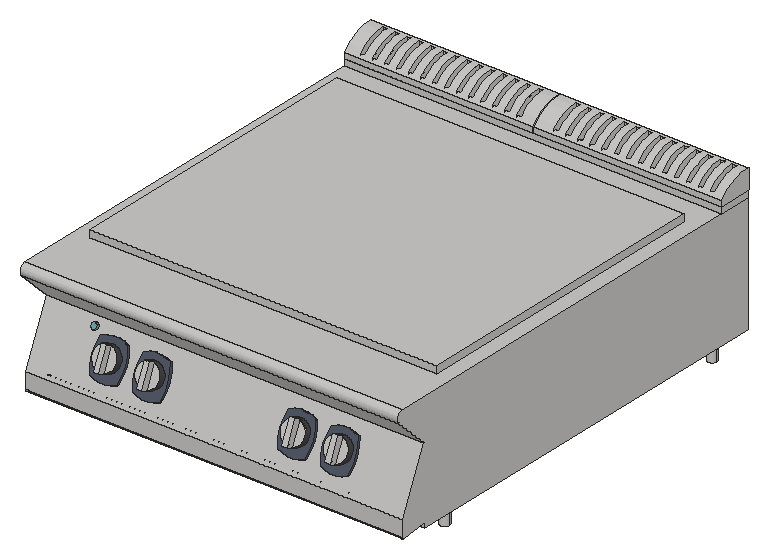
Revit family "QF_ELECTROLUXPROFESSIONAL_391047_E9HOEH4000", category Specialty Equipment, Revit 2021
Family settings
  Round Connector Dimension = Use Diameter
  Part Type = Normal
  Work Plane-Based = No
  Always vertical = Yes
  Cut with Voids When Loaded = No
  Shared = No
  Room Calculation Point = No
Parameters (values of type "Standard")
  Weight = 105.00 kg
  Watts = 929.03 W
  Volts = 380 V
  URL Manufacturer = "http://professional.electrolux.com"
  URL = "http://professional.electrolux.com"
  Steam Supply Size = 0"
  Steam Supply Minimum Pressure = 0.00 psi
  Steam Supply Maximum Pressure = 0.00 psi
  Steam Pounds per Hour = 0
  Show Clearance [instance] = yes
  Refrigeration Suction Line Size = 0"
  Refrigeration Liquid Line Size = 0"
  Refrigerant Compressor Remote = yes
  Phase = 3
  Model = "E9HOEH4000"
  Manufacturer = "Electrolux Professional"
  Length Actual = 800 mm  # constant formula
  Item Number = "391047"
  Hot Water Size = 0"
  Height Actual = 250 mm  # constant formula
  HP = "13.4 HP"
  Gas Size = 0"
  Gas KW = 0
  Gas Input Pressure = 0.0 Btu/h
  Description = "ELECTRIC HOB COOKING TOP 800MM"
  Depth Actual = 930 mm  # constant formula
  Default Elevation = 0 mm
  Cycle = 50 Hz
  Condensate Return Size = 0"
  Compressed Air Volume = 0 GPM
  Compressed Air Size = 0"
  Compressed Air Pressure = 0.00 psi
  Cold Water Size = 0"
  Accessory = yes
Reference planes
  plane 1 "BACK": y = 0
  plane 2: z = -625
  plane 3 "LEFT": x = 0
  plane 4 "RIGHT": x = 800
  plane 5 "FRONT": y = -930
  plane 6 "TOP": z = 275
  plane 7 "Center Y": x = 400
  plane 8 "Center X": y = -465
  plane 9: y = -1045
  plane 10: z = 24
  plane 11: z = 290
  plane 12: x = 758
  plane 13: z = 410
  plane 14: x = 11
  plane 15: x = 788.888
  plane 16: z = 332
Forms (mm)
  Extrusion 1, solid, material "QF_Finishes_Stainless Steel"
    sketch origin (0, 0, 0) x (0, 1, 0) y (0, 0, 1)
      loop
        line (0, 275) -> (-916.003, 275)
        arc (-916.003, 275) -> (-928.014, 266.975) -> (-925.196, 252.807) r 13
        line (-925.196, 252.807) -> (-859.164, 186.776) -> (-915.005, 66.025) -> (-915.005, 32.386)
        arc (-915.005, 32.386) -> (-913.847, 29.785) -> (-911.139, 28.905) r 3.5
        line (-911.139, 28.905) -> (-861.971, 34.073) -> (-857.104, 34.584)
        arc (-857.104, 34.584) -> (-856.333, 34.331) -> (-856.004, 33.589) r 1
        line (-856.004, 33.589) -> (-856.004, 24) -> (0, 24) -> (0, 275)
    from 0 to 800
  Extrusion 2, solid, material "QF_Finishes_Stainless Steel"
    sketch origin (0, 0, 0) x (1, 0, 0) y (0, 1, 0)
      loop
        circle (11, -82) r 9.525
      loop
        circle (11, -790) r 9.525
      loop
        circle (789, -82) r 9.525
      loop
        circle (789, -790) r 9.525
    from 0 to 24
  Extrusion 3, solid, material "QF_Finishes_Stainless Steel"
    sketch origin (0, 0, 0.262) x (0, 1, 0) y (0, 0, 1)
      loop
        line (0, 289.638) -> (0, 331.738)
        arc (0, 331.738) -> (-38.857, 324.552) -> (-69.85, 300.038) r 82.056
        line (-69.85, 300.038) -> (-69.85, 289.638) -> (0, 289.638)
    from 0 to 400.05
  Extrusion 4, void
    sketch origin (0, 0, 274.9) x (0, -1, 0) y (1, 0, 0)
      loop
        line (6.761, 29.703) -> (63.911, 29.703) -> (63.911, 38.999) -> (6.761, 38.999) -> (6.761, 29.703)
      loop
        line (63.911, 64.487) -> (6.761, 64.487) -> (6.761, 55.191) -> (63.911, 55.191) -> (63.911, 64.487)
      loop
        line (63.911, 89.975) -> (6.761, 89.975) -> (6.761, 80.68) -> (63.911, 80.68) -> (63.911, 89.975)
      loop
        line (63.911, 115.464) -> (6.761, 115.464) -> (6.761, 106.168) -> (63.911, 106.168) -> (63.911, 115.464)
      loop
        line (63.911, 140.952) -> (6.761, 140.952) -> (6.761, 131.656) -> (63.911, 131.656) -> (63.911, 140.952)
      loop
        line (63.911, 166.44) -> (6.761, 166.44) -> (6.761, 157.145) -> (63.911, 157.145) -> (63.911, 166.44)
      loop
        line (63.911, 191.929) -> (6.761, 191.929) -> (6.761, 182.633) -> (63.911, 182.633) -> (63.911, 191.929)
      loop
        line (63.911, 217.417) -> (6.761, 217.417) -> (6.761, 208.121) -> (63.911, 208.121) -> (63.911, 217.417)
      loop
        line (63.911, 242.905) -> (6.761, 242.905) -> (6.761, 233.61) -> (63.911, 233.61) -> (63.911, 242.905)
      loop
        line (63.911, 268.394) -> (6.761, 268.394) -> (6.761, 259.098) -> (63.911, 259.098) -> (63.911, 268.394)
      loop
        line (63.911, 293.882) -> (6.761, 293.882) -> (6.761, 284.586) -> (63.911, 284.586) -> (63.911, 293.882)
      loop
        line (63.911, 319.37) -> (6.761, 319.37) -> (6.761, 310.075) -> (63.911, 310.075) -> (63.911, 319.37)
      loop
        line (63.911, 344.859) -> (6.761, 344.859) -> (6.761, 335.563) -> (63.911, 335.563) -> (63.911, 344.859)
      loop
        line (63.911, 370.347) -> (6.761, 370.347) -> (6.761, 361.051) -> (63.911, 361.051) -> (63.911, 370.347)
    from 25.4 to 63.5
  Extrusion 5, solid, material "QF_Finishes_Stainless Steel"
    sketch origin (400.05, 0, 0.262) x (0, 1, 0) y (0, 0, 1)
      loop
        line (0, 289.638) -> (0, 331.738)
        arc (0, 331.738) -> (-38.857, 324.552) -> (-69.85, 300.038) r 82.056
        line (-69.85, 300.038) -> (-69.85, 289.638) -> (0, 289.638)
    from 0 to 400.05
  Extrusion 6, void
    sketch origin (400.05, 0, 274.9) x (0, -1, 0) y (1, 0, 0)
      loop
        line (6.761, 39.703) -> (63.911, 39.703) -> (63.911, 48.999) -> (6.761, 48.999) -> (6.761, 39.703)
      loop
        line (63.911, 74.487) -> (6.761, 74.487) -> (6.761, 65.191) -> (63.911, 65.191) -> (63.911, 74.487)
      loop
        line (63.911, 99.975) -> (6.761, 99.975) -> (6.761, 90.68) -> (63.911, 90.68) -> (63.911, 99.975)
      loop
        line (63.911, 125.464) -> (6.761, 125.464) -> (6.761, 116.168) -> (63.911, 116.168) -> (63.911, 125.464)
      loop
        line (63.911, 150.952) -> (6.761, 150.952) -> (6.761, 141.656) -> (63.911, 141.656) -> (63.911, 150.952)
      loop
        line (63.911, 176.44) -> (6.761, 176.44) -> (6.761, 167.145) -> (63.911, 167.145) -> (63.911, 176.44)
      loop
        line (63.911, 201.929) -> (6.761, 201.929) -> (6.761, 192.633) -> (63.911, 192.633) -> (63.911, 201.929)
      loop
        line (63.911, 227.417) -> (6.761, 227.417) -> (6.761, 218.121) -> (63.911, 218.121) -> (63.911, 227.417)
      loop
        line (63.911, 252.905) -> (6.761, 252.905) -> (6.761, 243.61) -> (63.911, 243.61) -> (63.911, 252.905)
      loop
        line (63.911, 278.394) -> (6.761, 278.394) -> (6.761, 269.098) -> (63.911, 269.098) -> (63.911, 278.394)
      loop
        line (63.911, 303.882) -> (6.761, 303.882) -> (6.761, 294.586) -> (63.911, 294.586) -> (63.911, 303.882)
      loop
        line (63.911, 329.37) -> (6.761, 329.37) -> (6.761, 320.075) -> (63.911, 320.075) -> (63.911, 329.37)
      loop
        line (63.911, 354.859) -> (6.761, 354.859) -> (6.761, 345.563) -> (63.911, 345.563) -> (63.911, 354.859)
      loop
        line (63.911, 380.347) -> (6.761, 380.347) -> (6.761, 371.051) -> (63.911, 371.051) -> (63.911, 380.347)
    from 25.4 to 63.5
  Extrusion 7, solid, material "QF_Finishes_Stainless Steel"
    sketch origin (0, 0, 275) x (0, -1, 0) y (1, 0, 0)
      loop
        line (69.85, 0) -> (69.85, 800) -> (0, 800) -> (0, 0) -> (69.85, 0)
    from 0 to 15
  Extrusion 8, solid, material "QF_Finishes_Stainless Steel"
    sketch origin (800, -918.532, 275) x (0, -1, 0) y (1, 0, 0)
      loop
        line (-788.682, -767.97) -> (-133.853, -767.97) -> (-133.853, -32.03) -> (-788.682, -32.03) -> (-788.682, -767.97)
    from 15 to 0
  Extrusion 9, solid, material "QF_Finishes_Stainless Steel"
    sketch origin (10, -142.6, 24) x (-1, 0, 0) y (0, 1, 0)
      loop
        circle (-748, -562.4) r 6.35
    from 0 to 17
  Extrusion 10, solid, material "QF_Clearances", visible <- "Show Clearance", detail levels coarse
    sketch origin (0, 0, 0) x (1, 0, 0) y (0, 1, 0)
      loop
        line (0, 0) -> (800, 0) -> (800, -930) -> (900, -930) -> (900, 100) -> (-100, 100) -> (-100, -930) -> (0, -930) -> (0, 0)
    from 0 to 410
  Extrusion 11, solid, material "QF_Finishes_Navy Blue"
    sketch origin (850.325, -913.632, 69.241) x (0, 0.420536, 0.907276) y (-1, 0, 0)
      loop
        arc (101.077, 723.085) -> (66.2, 730.102) -> (31.333, 723.04) r 89.894
        arc (31.333, 723.04) -> (24.638, 694.51) -> (31.333, 665.979) r 64.14
        arc (31.333, 665.979) -> (66.2, 658.914) -> (101.077, 665.935) r 89.853
        arc (101.077, 665.935) -> (107.792, 694.51) -> (101.077, 723.085) r 64.16
      loop
        arc (101.077, 633.085) -> (66.2, 640.102) -> (31.333, 633.04) r 89.894
        arc (31.333, 633.04) -> (24.638, 604.51) -> (31.333, 575.979) r 64.14
        arc (31.333, 575.979) -> (66.2, 568.914) -> (101.077, 575.935) r 89.853
        arc (101.077, 575.935) -> (107.792, 604.51) -> (101.077, 633.085) r 64.16
    from 0 to 3.175
  Extrusion 12, solid, material "QF_Finishes_Stainless Steel"
    sketch origin (850.325, -916.512, 70.576) x (0, 0.420536, 0.907276) y (-1, 0, 0)
      loop
        circle (68.826, 604.332) r 25.4
      loop
        circle (68.826, 695.582) r 25.4
    from 0 to 12.7
  Extrusion 13, solid, material "QF_Finishes_Stainless Steel"
    sketch origin (850.325, -928.035, 75.917) x (0, 0.420536, 0.907276) y (-1, 0, 0)
      loop
        line (93.558, 610.119) -> (44.094, 610.119)
        arc (44.094, 610.119) -> (43.426, 604.332) -> (44.094, 598.546) r 25.4
        line (44.094, 598.546) -> (93.558, 598.546)
        arc (93.558, 598.546) -> (94.226, 604.332) -> (93.558, 610.119) r 25.4
      loop
        line (93.558, 701.369) -> (44.094, 701.369)
        arc (44.094, 701.369) -> (43.426, 695.582) -> (44.094, 689.796) r 25.4
        line (44.094, 689.796) -> (93.558, 689.796)
        arc (93.558, 689.796) -> (94.226, 695.582) -> (93.558, 701.369) r 25.4
    from 0 to 12.7
  Extrusion 14, solid, material "QF_Finishes_Polymer"
    sketch origin (15, -913.632, 69.241) x (0, 0.420536, 0.907276) y (-1, 0, 0)
      loop
        circle (111.417, -94.398) r 6.35
    from 0 to 3.175
  Extrusion 15, solid, material "QF_Finishes_Navy Blue"
    sketch origin (-50.325, -913.632, 69.241) x (0, 0.420536, 0.907276) y (-1, 0, 0)
      loop
        arc (101.074, -723.091) -> (107.792, -694.513) -> (101.077, -665.935) r 64.16
        arc (101.077, -665.935) -> (66.201, -659.619) -> (31.333, -665.974) r 99.148
        arc (31.333, -665.974) -> (24.636, -694.51) -> (31.333, -723.045) r 64.142
        arc (31.333, -723.045) -> (66.199, -730.106) -> (101.074, -723.091) r 89.899
      loop
        arc (101.077, -633.085) -> (107.792, -604.51) -> (101.077, -575.935) r 64.16
        arc (101.077, -575.935) -> (66.2, -568.914) -> (31.333, -575.979) r 89.853
        arc (31.333, -575.979) -> (24.638, -604.51) -> (31.333, -633.04) r 64.14
        arc (31.333, -633.04) -> (66.2, -640.102) -> (101.077, -633.085) r 89.894
    from 0 to 3.175
  Extrusion 16, solid, material "QF_Finishes_Stainless Steel"
    sketch origin (-50.325, -916.512, 70.576) x (0, 0.420536, 0.907276) y (-1, 0, 0)
      loop
        circle (68.826, -604.332) r 25.4
      loop
        circle (68.826, -695.582) r 25.4
    from 0 to 12.7
  Extrusion 17, solid, material "QF_Finishes_Stainless Steel"
    sketch origin (-50.325, -928.035, 75.917) x (0, 0.420536, 0.907276) y (-1, 0, 0)
      loop
        arc (93.558, -610.119) -> (94.226, -604.332) -> (93.558, -598.546) r 25.4
        line (93.558, -598.546) -> (44.094, -598.546)
        arc (44.094, -598.546) -> (43.426, -604.332) -> (44.094, -610.119) r 25.4
        line (44.094, -610.119) -> (93.558, -610.119)
      loop
        arc (93.558, -701.369) -> (94.226, -695.582) -> (93.558, -689.796) r 25.4
        line (93.558, -689.796) -> (44.094, -689.796)
        arc (44.094, -689.796) -> (43.426, -695.582) -> (44.094, -701.369) r 25.4
        line (44.094, -701.369) -> (93.558, -701.369)
    from 0 to 12.7
  Extrusion 18, solid, material "QF_Finishes_Stainless Steel"
    sketch origin (10, 442.4, 24) x (-1, 0, 0) y (0, 1, 0)
      loop
        circle (-748, -562.4) r 6.35
    from 0 to 17
Cuts and joins
  Extrusion 6 cuts Extrusion 5
  Extrusion 4 cuts Extrusion 3
Lines and regions (mm)
  symbolic lines, style "QF_Clearances", visible <- "Show Clearance", detail levels coarse
    curve 1: line (900, -930, -625) -> (900, 100, -625)
    curve 2: line (900, 100, -625) -> (-100, 100, -625)
    curve 3: line (-100, 100, -625) -> (-100, -930, -625)
  symbolic lines
    curve 4: line (0, -930, -625) -> (800, -930, -625)
    curve 5: line (800, -930, -625) -> (800, 0, -625)
    curve 6: line (800, 0, -625) -> (0, 0, -625)
    curve 7: line (0, 0, -625) -> (0, -930, -625)
    curve 8: line (38.999, -6.761, -625) -> (38.999, -63.911, -625)
    curve 9: line (38.999, -63.911, -625) -> (29.703, -63.911, -625)
    curve 10: line (29.703, -63.911, -625) -> (29.703, -6.761, -625)
    curve 11: line (29.703, -6.761, -625) -> (38.999, -6.761, -625)
    curve 12: line (55.191, -63.911, -625) -> (55.191, -6.761, -625)
    curve 13: line (55.191, -6.761, -625) -> (64.487, -6.761, -625)
    curve 14: line (64.487, -6.761, -625) -> (64.487, -63.911, -625)
    curve 15: line (64.487, -63.911, -625) -> (55.191, -63.911, -625)
    curve 16: line (89.975, -6.761, -625) -> (89.975, -63.911, -625)
    curve 17: line (89.975, -63.911, -625) -> (80.68, -63.911, -625)
    curve 18: line (80.68, -63.911, -625) -> (80.68, -6.761, -625)
    curve 19: line (80.68, -6.761, -625) -> (89.975, -6.761, -625)
    curve 20: line (115.464, -6.761, -625) -> (115.464, -63.911, -625)
    curve 21: line (115.464, -63.911, -625) -> (106.168, -63.911, -625)
    curve 22: line (106.168, -63.911, -625) -> (106.168, -6.761, -625)
    curve 23: line (106.168, -6.761, -625) -> (115.464, -6.761, -625)
    curve 24: line (140.952, -6.761, -625) -> (140.952, -63.911, -625)
    curve 25: line (140.952, -63.911, -625) -> (131.656, -63.911, -625)
    curve 26: line (131.656, -63.911, -625) -> (131.656, -6.761, -625)
    curve 27: line (131.656, -6.761, -625) -> (140.952, -6.761, -625)
    curve 28: line (166.44, -6.761, -625) -> (166.44, -63.911, -625)
    curve 29: line (166.44, -63.911, -625) -> (157.145, -63.911, -625)
    curve 30: line (157.145, -63.911, -625) -> (157.145, -6.761, -625)
    curve 31: line (157.145, -6.761, -625) -> (166.44, -6.761, -625)
    curve 32: line (191.929, -6.761, -625) -> (191.929, -63.911, -625)
    curve 33: line (191.929, -63.911, -625) -> (182.633, -63.911, -625)
    curve 34: line (182.633, -63.911, -625) -> (182.633, -6.761, -625)
    curve 35: line (182.633, -6.761, -625) -> (191.929, -6.761, -625)
    curve 36: line (233.61, -63.911, -625) -> (233.61, -6.761, -625)
    curve 37: line (233.61, -6.761, -625) -> (242.905, -6.761, -625)
    curve 38: line (242.905, -6.761, -625) -> (242.905, -63.911, -625)
    curve 39: line (242.905, -63.911, -625) -> (233.61, -63.911, -625)
    curve 40: line (268.394, -6.761, -625) -> (268.394, -63.911, -625)
    curve 41: line (268.394, -63.911, -625) -> (259.098, -63.911, -625)
    curve 42: line (259.098, -63.911, -625) -> (259.098, -6.761, -625)
    curve 43: line (259.098, -6.761, -625) -> (268.394, -6.761, -625)
    curve 44: line (293.882, -6.761, -625) -> (293.882, -63.911, -625)
    curve 45: line (293.882, -63.911, -625) -> (284.586, -63.911, -625)
    curve 46: line (284.586, -63.911, -625) -> (284.586, -6.761, -625)
    curve 47: line (284.586, -6.761, -625) -> (293.882, -6.761, -625)
    curve 48: line (319.37, -6.761, -625) -> (319.37, -63.911, -625)
    curve 49: line (319.37, -63.911, -625) -> (310.075, -63.911, -625)
    curve 50: line (310.075, -63.911, -625) -> (310.075, -6.761, -625)
    curve 51: line (310.075, -6.761, -625) -> (319.37, -6.761, -625)
    curve 52: line (344.859, -6.761, -625) -> (344.859, -63.911, -625)
    curve 53: line (344.859, -63.911, -625) -> (335.563, -63.911, -625)
    curve 54: line (335.563, -63.911, -625) -> (335.563, -6.761, -625)
    curve 55: line (335.563, -6.761, -625) -> (344.859, -6.761, -625)
    curve 56: line (370.347, -6.761, -625) -> (370.347, -63.911, -625)
    curve 57: line (370.347, -63.911, -625) -> (361.051, -63.911, -625)
    curve 58: line (361.051, -63.911, -625) -> (361.051, -6.761, -625)
    curve 59: line (361.051, -6.761, -625) -> (370.347, -6.761, -625)
    curve 60: line (208.121, -63.911, -625) -> (208.121, -6.761, -625)
    curve 61: line (208.121, -6.761, -625) -> (217.417, -6.761, -625)
    curve 62: line (217.417, -6.761, -625) -> (217.417, -63.911, -625)
    curve 63: line (217.417, -63.911, -625) -> (208.121, -63.911, -625)
    curve 64: line (233.61, -63.911, -625) -> (233.61, -6.761, -625)
    curve 65: line (771.101, -6.761, -625) -> (771.101, -63.911, -625)
    curve 66: line (771.101, -63.911, -625) -> (780.397, -63.911, -625)
    curve 67: line (780.397, -63.911, -625) -> (780.397, -6.761, -625)
    curve 68: line (780.397, -6.761, -625) -> (771.101, -6.761, -625)
    curve 69: line (745.613, -63.911, -625) -> (745.613, -6.761, -625)
    curve 70: line (745.613, -6.761, -625) -> (754.909, -6.761, -625)
    curve 71: line (754.909, -6.761, -625) -> (754.909, -63.911, -625)
    curve 72: line (754.909, -63.911, -625) -> (745.613, -63.911, -625)
    curve 73: line (720.125, -6.761, -625) -> (720.125, -63.911, -625)
    curve 74: line (720.125, -63.911, -625) -> (729.42, -63.911, -625)
    curve 75: line (729.42, -63.911, -625) -> (729.42, -6.761, -625)
    curve 76: line (729.42, -6.761, -625) -> (720.125, -6.761, -625)
    curve 77: line (694.636, -6.761, -625) -> (694.636, -63.911, -625)
    curve 78: line (694.636, -63.911, -625) -> (703.932, -63.911, -625)
    curve 79: line (703.932, -63.911, -625) -> (703.932, -6.761, -625)
    curve 80: line (703.932, -6.761, -625) -> (694.636, -6.761, -625)
    curve 81: line (669.148, -6.761, -625) -> (669.148, -63.911, -625)
    curve 82: line (669.148, -63.911, -625) -> (678.444, -63.911, -625)
    curve 83: line (678.444, -63.911, -625) -> (678.444, -6.761, -625)
    curve 84: line (678.444, -6.761, -625) -> (669.148, -6.761, -625)
    curve 85: line (643.66, -6.761, -625) -> (643.66, -63.911, -625)
    curve 86: line (643.66, -63.911, -625) -> (652.955, -63.911, -625)
    curve 87: line (652.955, -63.911, -625) -> (652.955, -6.761, -625)
    curve 88: line (652.955, -6.761, -625) -> (643.66, -6.761, -625)
    curve 89: line (618.171, -6.761, -625) -> (618.171, -63.911, -625)
    curve 90: line (618.171, -63.911, -625) -> (627.467, -63.911, -625)
    curve 91: line (627.467, -63.911, -625) -> (627.467, -6.761, -625)
    curve 92: line (627.467, -6.761, -625) -> (618.171, -6.761, -625)
    curve 93: line (576.49, -63.911, -625) -> (576.49, -6.761, -625)
    curve 94: line (576.49, -6.761, -625) -> (567.195, -6.761, -625)
    curve 95: line (567.195, -6.761, -625) -> (567.195, -63.911, -625)
    curve 96: line (567.195, -63.911, -625) -> (576.49, -63.911, -625)
    curve 97: line (541.706, -6.761, -625) -> (541.706, -63.911, -625)
    curve 98: line (541.706, -63.911, -625) -> (551.002, -63.911, -625)
    curve 99: line (551.002, -63.911, -625) -> (551.002, -6.761, -625)
    curve 100: line (551.002, -6.761, -625) -> (541.706, -6.761, -625)
    curve 101: line (516.218, -6.761, -625) -> (516.218, -63.911, -625)
    curve 102: line (516.218, -63.911, -625) -> (525.514, -63.911, -625)
    curve 103: line (525.514, -63.911, -625) -> (525.514, -6.761, -625)
    curve 104: line (525.514, -6.761, -625) -> (516.218, -6.761, -625)
    curve 105: line (490.73, -6.761, -625) -> (490.73, -63.911, -625)
    curve 106: line (490.73, -63.911, -625) -> (500.025, -63.911, -625)
    curve 107: line (500.025, -63.911, -625) -> (500.025, -6.761, -625)
    curve 108: line (500.025, -6.761, -625) -> (490.73, -6.761, -625)
    curve 109: line (465.241, -6.761, -625) -> (465.241, -63.911, -625)
    curve 110: line (465.241, -63.911, -625) -> (474.537, -63.911, -625)
    curve 111: line (474.537, -63.911, -625) -> (474.537, -6.761, -625)
    curve 112: line (474.537, -6.761, -625) -> (465.241, -6.761, -625)
    curve 113: line (439.753, -6.761, -625) -> (439.753, -63.911, -625)
    curve 114: line (439.753, -63.911, -625) -> (449.049, -63.911, -625)
    curve 115: line (449.049, -63.911, -625) -> (449.049, -6.761, -625)
    curve 116: line (449.049, -6.761, -625) -> (439.753, -6.761, -625)
    curve 117: line (601.979, -63.911, -625) -> (601.979, -6.761, -625)
    curve 118: line (601.979, -6.761, -625) -> (592.683, -6.761, -625)
    curve 119: line (592.683, -6.761, -625) -> (592.683, -63.911, -625)
    curve 120: line (592.683, -63.911, -625) -> (601.979, -63.911, -625)
    curve 121: line (400, 0, -625) -> (400, -69.85, -625)
    curve 122: line (0, -69.85, -625) -> (800, -69.85, -625)
    curve 123: line (32.03, -129.85, -625) -> (767.97, -129.85, -625)
    curve 124: line (32.03, -784.678, -625) -> (32.03, -129.85, -625)
    curve 125: line (767.97, -784.678, -625) -> (32.03, -784.678, -625)
    curve 126: line (767.97, -129.85, -625) -> (767.97, -784.678, -625)
Dimensions and locks
  equal spacing: plane 3 "LEFT", plane 7 "Center Y", plane 4 "RIGHT"
  plane 3 "LEFT" to plane 4 "RIGHT" = 800 mm
  equal spacing: plane 5 "FRONT", plane 8 "Center X", plane 1 "BACK"
  plane 5 "FRONT" to plane 1 "BACK" = 930 mm
  plane 6 "TOP" to level = 900 mm
  plane 1 "BACK" to plane 9 = 1045 mm  (x2)
  plane 10 to level = 649 mm  (x2)
  plane 11 to plane 10 = 266 mm  (x2)
  plane 6 "TOP" to plane 10 = 251 mm
  plane 12 to plane 4 "RIGHT" = 42 mm  (x2)
  plane 13 to level = 1035 mm  (x2)
  plane 13 to plane 10 = 386 mm  (x2)
  plane 14 to plane 3 "LEFT" = 11 mm
  plane 15 to plane 4 "RIGHT" = 11.112 mm
  plane 1 "BACK" to plane 5 "FRONT" = 930 mm
  Extrusion 9 to plane 10 = 17 mm
  plane 1 "BACK" to Extrusion 9 = 705 mm
  plane 1 "BACK" to Extrusion 2 to Extrusion 2 to plane 5 "FRONT" = 82 mm, 708 mm, 140 mm
  curve 3 to plane 3 "LEFT" = 100 mm
  plane 4 "RIGHT" to curve 1 = 100 mm
  curve 2 to plane 1 "BACK" = 100 mm
  plane 15 to plane 14 = 777.888 mm
  plane 16 to Extrusion 10 = 332 mm
  plane 1 "BACK" to Extrusion 18 = 120 mm
  aligned and locked: level to plane 2
  aligned and locked: Extrusion 1 to plane 4 "RIGHT"
Automatic sketch dimensions
  Extrusion 1 sketch curve to plane 6 "TOP" = 0 mm
  Extrusion 1 sketch curve to plane 10 = 0 mm
  Extrusion 1 sketch curve to plane 1 "BACK" = 0 mm
  Extrusion 1 sketch curve to plane 5 "FRONT" = 73.996 mm
  Extrusion 1 sketch curve to Extrusion 1 sketch curve = 1 mm
  plane 10 to Extrusion 1 sketch curve = 10.584 mm
  Extrusion 1 sketch curve to Extrusion 1 sketch curve = 0.1 mm
  Extrusion 1 sketch curve to plane 5 "FRONT" = 70.836 mm
  plane 10 to Extrusion 1 sketch curve = 10.073 mm
  Extrusion 1 sketch curve to Extrusion 1 sketch curve = 4.868 mm
  plane 10 to Extrusion 1 sketch curve = 8.386 mm
  Extrusion 1 sketch curve to plane 5 "FRONT" = 18.495 mm
  Extrusion 1 sketch curve to plane 5 "FRONT" = 14.995 mm
  Extrusion 1 sketch curve to plane 5 "FRONT" = 13.997 mm
  Extrusion 1 sketch curve to plane 5 "FRONT" = 4.804 mm
  Extrusion 1 sketch curve to Extrusion 1 sketch curve = 33.639 mm
  Extrusion 1 sketch curve to plane 6 "TOP" = 88.224 mm
  Extrusion 1 sketch curve to plane 6 "TOP" = 22.193 mm
  Extrusion 1 sketch curve to Extrusion 1 sketch curve = 0.366 mm
  plane 10 to Extrusion 1 sketch curve = 4.905 mm
  Extrusion 1 sketch curve to Extrusion 1 sketch curve = 0 mm
  Extrusion 2 sketch curve to plane 14 = 0 mm  (x2)
  Extrusion 2 sketch curve to plane 15 = 0.112 mm  (x2)
  Extrusion 2 sketch curve to plane 5 "FRONT" = 140 mm  (x2)
  plane 1 "BACK" to Extrusion 2 sketch curve = 82 mm  (x2)
  Extrusion 3 sketch curve to plane 1 "BACK" = 0 mm
  Extrusion 3 sketch curve to plane 16 = 0 mm
  plane 1 "BACK" to Extrusion 3 sketch curve = 4.947 mm
  plane 11 to Extrusion 3 sketch curve = 10.3 mm
  plane 1 "BACK" to Extrusion 3 sketch curve = 69.85 mm
  Extrusion 3 sketch curve to plane 11 = 0.1 mm
  plane 1 "BACK" to Extrusion 4 sketch curve = 6.761 mm  (x14)
  Extrusion 4 sketch curve to Extrusion 4 sketch curve = 57.15 mm
  Extrusion 4 sketch curve to Extrusion 4 sketch curve = 0 mm  (x13)
  plane 14 to Extrusion 4 sketch curve = 18.703 mm
  Extrusion 4 sketch curve to Extrusion 4 sketch curve = 9.296 mm  (x14)
  Extrusion 4 sketch curve to Extrusion 4 sketch curve = 16.193 mm  (x13)
  Extrusion 5 sketch curve to plane 1 "BACK" = 0 mm
  Extrusion 5 sketch curve to plane 16 = 0 mm
  plane 1 "BACK" to Extrusion 5 sketch curve = 4.947 mm
  plane 11 to Extrusion 5 sketch curve = 10.3 mm
  plane 1 "BACK" to Extrusion 5 sketch curve = 69.85 mm
  Extrusion 5 sketch curve to plane 11 = 0.1 mm
  plane 1 "BACK" to Extrusion 6 sketch curve = 6.761 mm  (x14)
  Extrusion 6 sketch curve to Extrusion 6 sketch curve = 57.15 mm
  Extrusion 6 sketch curve to Extrusion 6 sketch curve = 0 mm  (x13)
  plane 12 to Extrusion 6 sketch curve = 3.091 mm
  Extrusion 6 sketch curve to Extrusion 6 sketch curve = 9.296 mm  (x14)
  Extrusion 6 sketch curve to Extrusion 6 sketch curve = 16.193 mm  (x12)
  Extrusion 6 sketch curve to plane 12 = 13.101 mm
  Extrusion 7 sketch curve to Extrusion 1 = 0 mm  (x3)
  Extrusion 7 sketch curve to Extrusion 7 sketch curve = 69.85 mm
  Extrusion 1 to Extrusion 8 sketch curve = 32.03 mm  (x2)
  Extrusion 1 to Extrusion 8 sketch curve = 129.85 mm
  Extrusion 8 sketch curve to Extrusion 1 = 131.325 mm
  Extrusion 9 sketch curve to Extrusion 1 = 42 mm
  Extrusion 1 to Extrusion 9 sketch curve = 151.004 mm
  plane 5 "FRONT" to Extrusion 10 sketch curve = 0 mm  (x2)
  Extrusion 10 sketch curve to plane 3 "LEFT" = 0 mm
  Extrusion 10 sketch curve to plane 4 "RIGHT" = 0 mm
  plane 1 "BACK" to Extrusion 10 sketch curve = 0 mm
  Extrusion 10 sketch curve to plane 3 "LEFT" = 100 mm
  Extrusion 10 sketch curve to plane 4 "RIGHT" = 100 mm
  Extrusion 10 sketch curve to plane 1 "BACK" = 100 mm
  Extrusion 11 sketch curve to plane 7 "Center Y" = 154.185 mm
  Extrusion 11 sketch curve to Extrusion 11 sketch curve = 0 mm  (x3)
  Extrusion 11 sketch curve to Extrusion 11 sketch curve = 22.625 mm  (x3)
  Extrusion 11 sketch curve to Extrusion 11 sketch curve = 22.52 mm  (x2)
  Extrusion 11 sketch curve to Extrusion 11 sketch curve = 54.302 mm
  Extrusion 11 sketch curve to Extrusion 11 sketch curve = 35.698 mm
  Extrusion 11 sketch curve to Extrusion 11 sketch curve = 18.56 mm
  Extrusion 11 sketch curve to Extrusion 11 sketch curve = 35.742 mm  (x2)
  Extrusion 11 sketch curve to Extrusion 11 sketch curve = 54.258 mm
  Extrusion 11 sketch curve to Extrusion 11 sketch curve = 12.3 mm  (x6)
  Extrusion 11 sketch curve to Extrusion 11 sketch curve = 28.531 mm
  Extrusion 11 sketch curve to Extrusion 11 sketch curve = 28.575 mm
  Extrusion 12 sketch curve to Extrusion 12 sketch curve = 0 mm
  Extrusion 12 sketch curve to Extrusion 12 sketch curve = 91.25 mm
  Extrusion 13 sketch curve to Extrusion 13 sketch curve = 24.732 mm  (x2)
  Extrusion 13 sketch curve to Extrusion 13 sketch curve = 0 mm  (x2)
  plane 14 to Extrusion 14 sketch curve = 98.398 mm
  plane 7 "Center Y" to Extrusion 15 sketch curve = 154.185 mm
  Extrusion 15 sketch curve to Extrusion 15 sketch curve = 0 mm  (x3)
  Extrusion 15 sketch curve to Extrusion 15 sketch curve = 22.625 mm  (x3)
  Extrusion 15 sketch curve to Extrusion 15 sketch curve = 22.52 mm  (x2)
  Extrusion 15 sketch curve to Extrusion 15 sketch curve = 35.698 mm
  Extrusion 15 sketch curve to Extrusion 15 sketch curve = 18.56 mm
  Extrusion 15 sketch curve to Extrusion 15 sketch curve = 35.742 mm  (x2)
  plane 12 to Extrusion 15 sketch curve = 49.558 mm
  Extrusion 15 sketch curve to Extrusion 15 sketch curve = 54.302 mm
  Extrusion 15 sketch curve to Extrusion 15 sketch curve = 12.3 mm  (x6)
  Extrusion 15 sketch curve to Extrusion 15 sketch curve = 28.531 mm
  Extrusion 15 sketch curve to Extrusion 15 sketch curve = 28.575 mm
  Extrusion 16 sketch curve to Extrusion 16 sketch curve = 0 mm
  Extrusion 16 sketch curve to Extrusion 16 sketch curve = 91.25 mm
  Extrusion 17 sketch curve to Extrusion 17 sketch curve = 24.732 mm  (x2)
  Extrusion 17 sketch curve to Extrusion 17 sketch curve = 0 mm  (x2)
  Extrusion 18 sketch curve to Extrusion 1 = 42 mm
  Extrusion 1 to Extrusion 18 sketch curve = 120 mm
  curve 7 to plane 3 "LEFT" = 0 mm
  plane 1 "BACK" to curve 121 = 0 mm
  curve 121 to plane 7 "Center Y" = 0 mm
  curve 122 to plane 4 "RIGHT" = 0 mm
  plane 5 "FRONT" to curve 1 = 0 mm
  plane 5 "FRONT" to curve 5 = 0 mm
  plane 5 "FRONT" to curve 3 = 0 mm
  plane 14 to curve 10 = 18.703 mm
  plane 14 to curve 124 = 21.03 mm
  curve 9 to curve 9 = 9.296 mm
  plane 1 "BACK" to curve 13 = 6.761 mm
  curve 8 to curve 13 = 16.193 mm
  curve 12 to curve 13 = 9.296 mm
  plane 1 "BACK" to curve 19 = 6.761 mm
  curve 13 to curve 19 = 16.193 mm
  curve 17 to curve 16 = 9.296 mm
  curve 16 to curve 21 = 16.193 mm
  curve 22 to curve 23 = 9.296 mm
  plane 1 "BACK" to curve 27 = 6.761 mm
  curve 20 to curve 27 = 16.193 mm
  curve 25 to curve 24 = 9.296 mm
  curve 24 to curve 29 = 16.193 mm
  curve 30 to curve 28 = 9.296 mm
  plane 1 "BACK" to curve 35 = 6.761 mm
  curve 28 to curve 35 = 16.193 mm
  curve 33 to curve 33 = 9.296 mm
  curve 32 to curve 60 = 16.193 mm
  curve 60 to curve 61 = 9.296 mm
  curve 62 to curve 39 = 16.193 mm
  curve 36 to curve 39 = 9.296 mm
  plane 1 "BACK" to curve 43 = 6.761 mm
  curve 37 to curve 43 = 16.193 mm
  curve 42 to curve 40 = 9.296 mm
  plane 1 "BACK" to curve 47 = 6.761 mm
  curve 40 to curve 47 = 16.193 mm
  curve 45 to curve 44 = 9.296 mm
  curve 44 to curve 49 = 16.193 mm
  curve 50 to curve 48 = 9.296 mm
  plane 1 "BACK" to curve 55 = 6.761 mm
  curve 48 to curve 55 = 16.193 mm
  curve 54 to curve 55 = 9.296 mm
  curve 52 to curve 57 = 16.193 mm
  curve 57 to curve 57 = 9.296 mm
  plane 7 "Center Y" to curve 114 = 39.753 mm
  curve 113 to curve 114 = 9.296 mm
  curve 114 to curve 109 = 16.193 mm
  curve 109 to curve 112 = 9.296 mm
  curve 110 to curve 105 = 16.193 mm
  curve 105 to curve 107 = 9.296 mm
  curve 106 to curve 101 = 16.193 mm
  curve 101 to curve 103 = 9.296 mm
  curve 102 to curve 97 = 16.193 mm
  curve 97 to curve 100 = 9.296 mm
  plane 1 "BACK" to curve 95 = 6.761 mm
  curve 99 to curve 95 = 16.193 mm
  curve 94 to curve 94 = 9.296 mm
  curve 93 to curve 119 = 16.193 mm
  curve 119 to curve 120 = 9.296 mm
  plane 1 "BACK" to curve 92 = 6.761 mm
  curve 117 to curve 92 = 16.193 mm
  curve 89 to curve 91 = 9.296 mm
  curve 90 to curve 86 = 16.193 mm
  curve 85 to curve 87 = 9.296 mm
  curve 86 to curve 82 = 16.193 mm
  curve 81 to curve 84 = 9.296 mm
  curve 82 to curve 78 = 16.193 mm
  curve 77 to curve 79 = 9.296 mm
  curve 78 to curve 74 = 16.193 mm
  curve 73 to curve 75 = 9.296 mm
  plane 12 to curve 69 = 12.387 mm
  plane 12 to curve 71 = 3.091 mm
  curve 123 to plane 12 = 9.97 mm
  curve 68 to plane 12 = 13.101 mm
  plane 15 to curve 67 = 8.49 mm
  curve 125 to plane 5 "FRONT" = 145.322 mm
  plane 1 "BACK" to curve 126 = 129.85 mm
  curve 10 to curve 12 = 57.15 mm
  plane 1 "BACK" to curve 66 = 63.911 mm
  curve 8 to curve 12 = 0 mm
  curve 120 to curve 89 = 57.15 mm
  plane 1 "BACK" to curve 115 = 63.911 mm
  curve 14 to curve 16 = 0 mm
  curve 114 to curve 111 = 0 mm
  curve 16 to curve 20 = 0 mm
  curve 110 to curve 107 = 0 mm
  curve 20 to curve 24 = 0 mm
  curve 106 to curve 103 = 0 mm
  curve 24 to curve 28 = 0 mm
  curve 102 to curve 99 = 0 mm
  curve 28 to curve 32 = 0 mm
  curve 32 to curve 36 = 0 mm
  curve 96 to curve 119 = 0 mm
  curve 117 to curve 91 = 0 mm
  curve 38 to curve 40 = 0 mm
  curve 90 to curve 87 = 0 mm
  curve 40 to curve 44 = 0 mm
  curve 86 to curve 83 = 0 mm
  curve 44 to curve 48 = 0 mm
  curve 82 to curve 79 = 0 mm
  curve 48 to curve 52 = 0 mm
  curve 78 to curve 75 = 0 mm
  curve 52 to curve 56 = 0 mm
  curve 32 to curve 60 = 0 mm
  curve 74 to curve 72 = 0 mm
  plane 1 "BACK" to curve 65 = 6.761 mm
  plane 1 "BACK" to curve 64 = 6.761 mm
  plane 1 "BACK" to curve 8 = 6.761 mm
  plane 1 "BACK" to curve 62 = 6.761 mm
  plane 1 "BACK" to curve 69 = 6.761 mm
  plane 1 "BACK" to curve 73 = 6.761 mm
  plane 1 "BACK" to curve 59 = 6.761 mm
  plane 1 "BACK" to curve 77 = 6.761 mm
  plane 1 "BACK" to curve 81 = 6.761 mm
  plane 1 "BACK" to curve 51 = 6.761 mm
  plane 1 "BACK" to curve 85 = 6.761 mm
  plane 1 "BACK" to curve 97 = 6.761 mm
  plane 1 "BACK" to curve 101 = 6.761 mm
  plane 1 "BACK" to curve 31 = 6.761 mm
  plane 1 "BACK" to curve 105 = 6.761 mm
  plane 1 "BACK" to curve 109 = 6.761 mm
  plane 1 "BACK" to curve 23 = 6.761 mm
  plane 1 "BACK" to curve 113 = 6.761 mm
  plane 1 "BACK" to curve 117 = 6.761 mm
  curve 121 to curve 56 = 5.939 mm
  radius of Extrusion 2 sketch curve = 9.525 mm  (x4)
  radius of Extrusion 9 sketch curve = 6.35 mm
  radius of Extrusion 12 sketch curve = 25.4 mm  (x2)
  radius of Extrusion 13 sketch curve to Extrusion 12 = 0 mm  (x4)
  radius of Extrusion 14 sketch curve = 6.35 mm
  radius of Extrusion 16 sketch curve = 25.4 mm  (x2)
  radius of Extrusion 17 sketch curve to Extrusion 16 = 0 mm  (x4)
  radius of Extrusion 18 sketch curve = 6.35 mm
Connectors
  electrical at (758, -705, 7)
    settings: on Extrusion 9, index 1, voltage 0 V, apparent load 0 VA, apparent load phase1 0 VA, apparent load phase2 0 VA, apparent load phase3 0 VA, power factor 1, load classification "Altro", number of poles 1, system type 30, power factor state 1, is connector primary yes, connector utility no, sub classification motor no, connector description "Electrical"
  electrical at (758, -120, 7)
    settings: on Extrusion 18, index 2, voltage 0 V, apparent load 0 VA, apparent load phase1 0 VA, apparent load phase2 0 VA, apparent load phase3 0 VA, power factor 1, load classification "Altro", number of poles 1, system type 30, power factor state 1, is connector primary no, connector utility no, sub classification motor no, connector description "Electrical"
